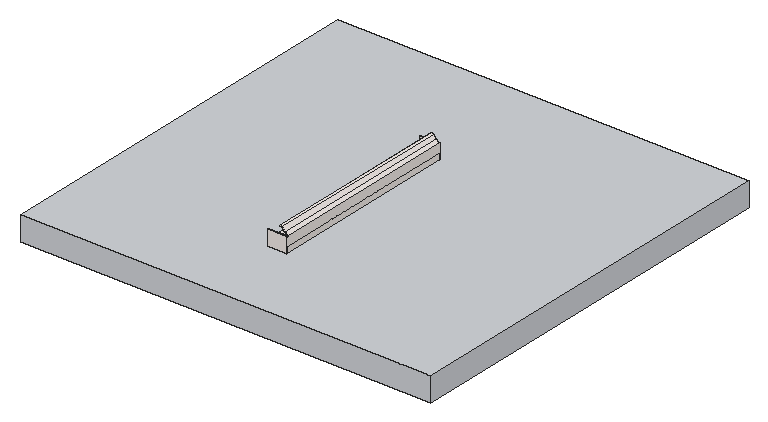
Revit family
Parameters
  Wiring Access Diameter = 0' - 0"
  Wiring = Wiring : Battery Pack
  Width = 0' - 4 3/4"  # constant formula
  Wattage Comments = "Wattage"
  Wattage = 9.29 W
  built-in parameter 1150110 = 1 (stored number, unit not read)
  Voltage = "Voltage"
  URL = "http://www.cooperlighting.com/"
  Supply Voltage = 0 V
  Series = "Cove Solo"  # constant formula
  Profile Angle = (360.00° - Degree of Lift) - 20.00°  # 295.00°
  Options = Options : Plus 5 Aiming System(tm)
  Number of Poles = 1
  No of Circuits = 1
  Mount Length = 0' - 6 1/4"
  Model = "Model"
  Lamp = "Lamp"
  Housing Type = "20gauage corrosion resistant steel"  # constant formula
  Front Mount Size = - : 2x6
  Emit from Line Length = 2' - 0"
  Electrical Connector Description = ""
  Distribution = ""
  Diffusers/Shielding = "White Opal Lens"  # constant formula
  Description = "Description"
  built-in parameter 1114217 = 1 (stored number, unit not read)
  Total Input Wattage = 0 W
  Tilt Angle = 90.00°
  built-in parameter 1150109 = 1 (stored number, unit not read)
  built-in parameter 1150134 = 3
  built-in parameter 1150113 = 1 (stored number, unit not read)
  Shipping Weight = 0 lbf
  Product Page URL = ""
  Product Documentation Link = ""
  Power Factor = 0
  Photometric Web File = "file"
  Packaging = "Unit Pack"
  Manufacturer = "Cooper Industries, Inc."  # constant formula
  built-in parameter 1150105 = 109.81 (stored number, unit not read)
  Lumens = 1379.95 lm
  built-in parameter 1150115 = 1 (stored number, unit not read)
  built-in parameter 1150137 = (empty or 0)
  built-in parameter 1150139 = (empty or 0)
  Light Bulb Material = Glass - Cooper Industries - Clear
  Length = 4' - 0"
  built-in parameter 1150112 = 1 (stored number, unit not read)
  Lamp Quantity = 1  # constant formula
  built-in parameter 1150114 = 1 (stored number, unit not read)
  built-in parameter 1150132 = (empty or 0)
  built-in parameter 1150102 = (empty or 0)
  built-in parameter 1150107 = 3200 (stored number, unit not read)
  built-in parameter 1150138 = (empty or 0)
  built-in parameter 1150106 = 1.0981 (stored number, unit not read)
  Has Biaxial Bulb = yes
  Frame Material = Metal - Cooper Industries - Steel - White
  Efficiency = ""
  built-in parameter 1150104 = 13.8 (stored number, unit not read)
  Dimming Lamp Color Temperature Shift = (empty or 0)
  Diffuser Material = Glass - Cooper Industries - Clear
  Depth = 0' - 2 7/8"  # constant formula
  Default Elevation = 0' - 0"
  Copyright © = "© 2000-2010 Cooper Industries, Inc."  # constant formula
  Color Filter = 16777215
  Catalog Number = ""
  Bulb Biaxial Angle = 0.00°
  Ballast Voltage = Supply Voltage  # 0 V
  Ballast Type = ""
  Ballast Quantity = 0
  built-in parameter 1114218 = 1 (stored number, unit not read)
  Ballast Configuration = ""
  built-in parameter 1150133 = 10 (stored number, unit not read)
  Assembly Code = "D5020210"
  Apparent Load = Total Input Wattage  # 0 VA
  Degree of Lift = 45.00°
Reference planes (in)
  plane 1 "Center (Front/Back)": y = 0
  plane 2 "Host Face": z = 0
  plane 3 "Center (Left/Right)": x = 0
  plane 4 "Left": x = -2.375
  plane 5 "Front": y = -24
  plane 6 "Right": x = 2.375
  plane 7 "Back": y = 24
  plane 8 "Top": z = 0
  plane 9 "Void Back": y = 23.75
  plane 10 "Void Front": y = -23.75
  plane 11 "Light": z = 6.25
  plane 12: x = 0.98475
  plane 13: x = -0.98475
  plane 14: y = 22
  plane 15: y = -22
  plane 16: y = 29
  plane 17: y = 26.25
  plane 18: z = 3.76301
  plane 19: through (0.85765, -180, 3.38946) normal (-0.7071, 0, -0.7071)
  plane 20: through (2.48265, -180, 3.65537) normal (-0.7071, 0, -0.7071)
Forms (in)
  Extrusion 1, solid
    sketch origin (0, 0, 0) x (1, 0, 0) y (0, 1, 0)
      loop
        line (-48, 55) -> (-48, -44.53802) -> (54.979, -44.53802) -> (54.979, 55) -> (-48, 55)
    from 0 to -6
  Sweep 2, solid, material "Metal - Cooper Industries - Steel - White" <- "Frame Material"
    path origin (0, 0, 0) x (1, 0, 0) y (0, 1, 0)
      loop
        line (0, -24) -> (0, 24)
    profile origin (0, 0, 0) x (-1, 0, 0) y (0, 0, 1)
      loop
        line (-2.375, 3.76301) -> (-2.375, 1.5) -> (-2.34167, 1.5) -> (-2.34167, 3.76301) -> (-2.375, 3.76301)
  Sweep 3, solid, material "Metal - Cooper Industries - Steel - White" <- "Frame Material"
    path origin (0, 0, 0) x (1, 0, 0) y (0, 1, 0)
      loop
        line (0, -23.75) -> (0, 23.75)
    profile origin (0, 0, 0) x (-1, 0, 0) y (0, 0, 1)
      loop
        line (2.375, 0) -> (2.375, 1.5) -> (-0.20106, 1.19098) -> (-2.1184, 1.19098) -> (-2.34167, 1.5) -> (-2.375, 1.5) -> (-2.375, 0) -> (2.375, 0)
      loop
        circle (0, 0.6875) r 0.36304
  Extrusion 4, solid, material "Metal - Cooper Industries - Steel - White" <- "Frame Material"
    sketch origin (0, 0, 0) x (1, 0, 0) y (0, 0, 1)
      loop
        line (-2.375, 3.76301) -> (-2.375, 0) -> (2.375, 0) -> (2.375, 3.76301) -> (-2.375, 3.76301)
    from 23.75 to 24
  Extrusion 5, solid, material "Metal - Cooper Industries - Steel - White" <- "Frame Material"
    sketch origin (0, 12.75, 0) x (1, 0, 0) y (0, 0, 1)
      loop
        line (-2.375, 3.76301) -> (-2.375, 0) -> (2.375, 0) -> (2.375, 3.76301) -> (-2.375, 3.76301)
    from -11.25 to -11
  Sweep 6, solid, material "Metal - Cooper Industries - Steel - White" <- "Frame Material"
    path origin (0.38342, 0, 0.48467) x (0.939693, 0, -0.34202) y (0, 1, 0)
      loop
        line (0, -23.75) -> (0, 23.75)
    profile "Profile : Profile" origin (0.38342, 0, 0.48467) x (-0.939693, 0, 0.34202) y (0.34202, 0, 0.939693)
      loop
        line (-0.72952, 3.73248) -> (0.22978, 4.17981) -> (1.05515, 4.69556) -> (1.49344, 4.85508) -> (1.62136, 4.67238) -> (1.65372, 4.68747) -> (1.50676, 4.89734) -> (1.03966, 4.72733) -> (0.21298, 4.21076) -> (-0.75, 3.76172) -> (-0.72952, 3.73248)
Lines and regions (in)
  symbolic lines, style "Host"
    curve 1: line (-2.375, 24, 0) -> (2.375, 24, 0)
    curve 2: line (-2.375, -24, 0) -> (-2.375, 24, 0)
    curve 3: line (2.375, -24, 0) -> (-2.375, -24, 0)
    curve 4: line (2.375, 24, 0) -> (2.375, -24, 0)
    curve 5: line (-2.375, -24, 0) -> (-2.375, 24, 0)
    curve 6: line (2.375, 24, 0) -> (-2.375, 24, 0)
  symbolic lines, style "Host", detail levels fine
    curve 7: line (2.375, 24, 0) -> (-2.375, -24, 0)
Dimensions and locks (in)
  "Width": plane 4 "Left" to plane 6 "Right"
  "Length": plane 5 "Front" to plane 7 "Back"
  equal spacing: plane 5 "Front", plane 1 "Center (Front/Back)", plane 7 "Back"
  equal spacing: plane 4 "Left", plane 3 "Center (Left/Right)", plane 6 "Right"
  locked: plane 9 "Void Back" to plane 7 "Back" at 0.25
  locked: plane 10 "Void Front" to plane 5 "Front" at 0.25
  locked: plane 14 to plane 7 "Back" at 2
  locked: plane 15 to plane 5 "Front" at 2
  "Mount Length": plane 11 "Light" to plane 8 "Top"
  angle plane 6 "Right" to Sweep 6 = 45.00°
  aligned and locked: plane 2 "Host Face" to Extrusion 1
  aligned and locked: level to Extrusion 1
  aligned and locked: plane 6 "Right" to curve 4
  aligned and locked: plane 5 "Front" to curve 3
  aligned and locked: plane 3 "Center (Left/Right)" to Sweep 3 sketch curve
  aligned and locked: Extrusion 1 to Sweep 3 sketch curve
  aligned and locked: plane 5 "Front" to Sweep 2 sketch curve
  aligned and locked: plane 7 "Back" to Sweep 2 sketch curve
  aligned: plane 3 "Center (Left/Right)" to nested 1
  aligned: imposter light to nested 1
  aligned: nested 1 to Sweep 2
  aligned: imposter light to Sweep 2
  aligned and locked: plane 4 "Left" to Sweep 3 sketch curve
  aligned and locked: Sweep 3 sketch curve to plane 6 "Right"
  aligned and locked: Sweep 3 to Extrusion 4 sketch curve
  aligned and locked: Extrusion 4 sketch curve to Sweep 3  (x2)
  aligned and locked: Extrusion 4 to plane 5 "Front"
  aligned and locked: plane 10 "Void Front" to Extrusion 4
  aligned and locked: Extrusion 5 to plane 7 "Back"
  aligned and locked: plane 9 "Void Back" to Extrusion 5
  aligned: Extrusion 4 to nested 1
  aligned and locked: Extrusion 4 sketch curve to Extrusion 5
  aligned and locked: Extrusion 5 to Sweep 3 sketch curve
  aligned: nested 1 to Sweep 3
  aligned and locked: plane 3 "Center (Left/Right)" to nested 1
  aligned and locked: plane 6 "Right" to Sweep 2 sketch curve
  aligned and locked: nested 1 to Sweep 3 sketch curve
  aligned: plane 3 "Center (Left/Right)" to Sweep 6 sketch curve
  aligned and locked: Sweep 2 sketch curve to plane 18
  aligned and locked: plane 4 "Left" to imposter light
  aligned and locked: imposter light to nested 1
  aligned: Sweep 6 to plane 18
Automatic sketch dimensions
  curve 1 to plane 4 "Left" = 0' - 0"
  plane 7 "Back" to curve 2 = 0' - 0"
  Extrusion 1 sketch curve to Extrusion 1 sketch curve = 8' - 6.979"
  Extrusion 1 sketch curve to Extrusion 1 sketch curve = 8' - 3.53802"
  Sweep 2 sketch curve to plane 3 "Center (Left/Right)" = 0' - 0"
  Sweep 2 sketch curve to Sweep 2 sketch curve = 0' - 0.03333"
  Sweep 3 sketch curve to plane 10 "Void Front" = 0' - 0"
  Sweep 3 sketch curve to profile plane = 0' - 0"
  Sweep 3 sketch curve to Sweep 3 sketch curve = 0' - 0.03333"
  Sweep 3 sketch curve to Sweep 3 sketch curve = 0' - 0.22327"
  profile plane to Sweep 3 sketch curve = 0' - 0.20106"
  level to Sweep 3 sketch curve = 0' - 0 11/16"
  Sweep 3 sketch curve to Sweep 3 sketch curve = 0' - 0.30902"  (x2)
  Sweep 6 sketch curve to plane 10 "Void Front" = 0' - 0"
  plane 9 "Void Back" to Sweep 6 sketch curve = 0' - 0"
  Extrusion 5 sketch curve to level = 0' - 0"
  Extrusion 5 sketch curve to plane 4 "Left" = 0' - 0"
  plane 6 "Right" to Extrusion 5 sketch curve = 0' - 0"
  Extrusion 5 sketch curve to plane 18 = 0' - 0"
  level to Sweep 2 sketch curve = 0' - 1 1/2"
  radius of Sweep 3 sketch curve = 0' - 0.36304"
Nested families (in)
  nested 1: "Bulb - No  Light Source" at (0, 0, 1.5) x (0, 1, 0) z (0, 0, 1), type "No Light Source"
Connectors (in)
  electrical at (0, 0, 0), driven by "Power Factor", driven by "Apparent Load", driven by "Supply Voltage", driven by "Number of Poles", driven by "Electrical Connector Description"
    settings: index 1
Definition of nested family "Bulb - No  Light Source"
  Parameters (values of type "No Light Source")
    Type Comments = "⍁⍉⌁⌀⏭⎽⌇⍠⌜⍉⎖⌥⌦⌯⍭⏊⍻⍿⍊⏵⍊⏗⏠⍴⎡⌈⎀⍠⌓⌤⏘⎐⍀⌐⏬⏁⎈⏍⏦⎒⏬⌝⍩⍇⌣〈⎫〉⎁⏊⍥⍖⍥⍝⍦⌖⍀⏌⏭⎝⎼⏷⏞⍻⏯⎽⏷⏞⍻⏯⎽⏷⎺⌻⎝⍎⌧⏷⏟⏿⌿⍜⍦⍤⌁⍬⏶⏎⍊⏚⏉⎞⌡⎀⎪⏈⌟⌿⍾⍼⌟⌿⌢⍶⏷⏮⌾⎼⎻⎷⎳⎻⎓⏞⍿⎴⏷⏩⎣⎝⎽⏴⏥⌗⌿⍶⍶⏲⏺⏇⍞⏖⏕〉⎯⏛⏫⎴⌺⍏⏱⏷⏫⏪⎼⎝⏥⎿⏛⏛⏿⌇"
    Light Source Offset [instance] = 0' - 4"
    Light Bulb Material = Glass - Cooper Industries - Clear
    Is U Bulb = no
    Is Straight Bulb = no
    Is Biaxial Bulb = yes
    Emit Shape Visible in Rendering = no
    CTRL U Bulb = if(1 = 1, Bulb Seperation Distance / 2, 0' 0")  # 0' - 0 13/16"
    Bulb Seperation Distance = 0' - 1 5/8"
    Bulb Radius = Bulb Diameter / 2  # 0' - 0 5/16"
    Bulb Length = 4' - 0"
    Bulb End Material = Metal - Cooper Industries - Aluminum
    Bulb Diameter = 0' - 0 5/8"
    Biaxial Angle [instance] = 0.00°
    Assembly Code = ""
  Reference planes (in)
    plane 1 "Center (Front/Back)": y = 0
    plane 2 "Bottom": z = 0
    plane 3 "Center (Left/Right)": x = 0
    plane 4 "Center (Elevation)": z = 0.3125
    plane 5 "Top": z = 0.625
    plane 6 "Left": x = -24
    plane 7 "Left Inset": x = -23.5
    plane 8 "Right": x = 24
    plane 9 "Right Inset": x = 23.5
    plane 10 "Straight Bulb Back": y = 0.3125
    plane 11 "Straight Bulb Front": y = -0.3125
    plane 12 "U Bulb Back Back": y = 1.125
    plane 13 "U Bulb Back Front": y = 0.5
    plane 14 "U Bulb Back Center": y = 0.8125
    plane 15 "U Bulb Front Front": y = -1.125
    plane 16 "U Bulb Front Back": y = -0.5
    plane 17 "U Bulb Front Center": y = -0.8125
    plane 18 "U Bulb Right Center": x = 23.6875
    plane 19 "U Bulb Left Right": x = 23.375
    plane 20 "U Bulb Arc Reference": x = 22.875
    plane 21 "Biaxial Center (L/R)": y = 0
    plane 22 "Biaxial Center (T/B)": z = 0.3125
    plane 23 "Light Source Offset": z = 4.3125
  Forms (in)
    Extrusion 1, solid, material "Metal - Cooper Industries - Aluminum" <- "Bulb End Material", visible <- "Is U Bulb"
      sketch origin (0, -0.8125, 0) x (0, 1, 0) y (0, 0, 1)
        loop
          circle (0.8125, 0.3125) r 0.3125
      from -24 to -23.5
    Extrusion 2, solid, material "Glass - Cooper Industries - Clear" <- "Light Bulb Material", visible <- "Is Biaxial Bulb"
      sketch origin (0, -0.8125, 0) x (0, 1, 0) y (0, 0, 1)
        loop
          circle (0.8125, 0.3125) r 0.3125
      from -23.5 to 23.5
    Extrusion 3, solid, material "Metal - Cooper Industries - Aluminum" <- "Bulb End Material", visible <- "Is U Bulb"
      sketch origin (0, -0.8125, 0) x (0, 1, 0) y (0, 0, -1)
        loop
          circle (0.8125, -0.3125) r 0.3125
      from -24 to -23.5
  Lines and regions (in)
    symbolic lines, detail levels fine
      curve 1: line (-24, 0, 0) -> (24, 0, 0)
      curve 2: line (-24, 0, 0.3125) -> (24, 0, 0.3125)
  Dimensions and locks (in)
    equal spacing: plane 5 "Top", plane 4 "Center (Elevation)", plane 2 "Bottom"
    "Bulb Diameter": plane 5 "Top" to plane 2 "Bottom"
    locked: plane 7 "Left Inset" to plane 6 "Left" at 0.5
    locked: plane 9 "Right Inset" to plane 8 "Right" at 0.5
    equal spacing: plane 8 "Right", plane 3 "Center (Left/Right)", plane 6 "Left"
    "Bulb Length": plane 6 "Left" to plane 8 "Right"
    "Bulb Diameter": plane 11 "Straight Bulb Front" to plane 10 "Straight Bulb Back"
    equal spacing: plane 11 "Straight Bulb Front", plane 1 "Center (Front/Back)", plane 10 "Straight Bulb Back"
    "Bulb Diameter": plane 13 "U Bulb Back Front" to plane 12 "U Bulb Back Back"
    equal spacing: plane 13 "U Bulb Back Front", plane 14 "U Bulb Back Center", plane 12 "U Bulb Back Back"
    "Bulb Diameter": plane 16 "U Bulb Front Back" to plane 15 "U Bulb Front Front"
    equal spacing: plane 16 "U Bulb Front Back", plane 17 "U Bulb Front Center", plane 15 "U Bulb Front Front"
    equal spacing: plane 17 "U Bulb Front Center", plane 1 "Center (Front/Back)", plane 14 "U Bulb Back Center"
    "Bulb Seperation Distance": plane 17 "U Bulb Front Center" to plane 14 "U Bulb Back Center"
    equal spacing: plane 19 "U Bulb Left Right", plane 18 "U Bulb Right Center", plane 8 "Right"
    "Bulb Diameter": plane 19 "U Bulb Left Right" to plane 8 "Right"
    "CTRL U Bulb": plane 20 "U Bulb Arc Reference" to plane 18 "U Bulb Right Center"
    plane 1 "Center (Front/Back)" to plane 21 "Biaxial Center (L/R)" = 0' - 0"
    plane 22 "Biaxial Center (T/B)" to plane 4 "Center (Elevation)" = 0' - 0"
    "Light Source Offset": plane 23 "Light Source Offset" to plane 22 "Biaxial Center (T/B)"
    "Bulb Radius": radius of Extrusion 2 sketch curve
    aligned and locked: Extrusion 1 to plane 6 "Left"
    aligned and locked: plane 7 "Left Inset" to Extrusion 1
    aligned and locked: Extrusion 2 to plane 7 "Left Inset"
    aligned and locked: Extrusion 2 to plane 9 "Right Inset"
    aligned and locked: plane 6 "Left" to curve 1
    aligned and locked: plane 8 "Right" to curve 1
    aligned and locked: plane 1 "Center (Front/Back)" to curve 1
    aligned and locked: plane 8 "Right" to curve 2
    aligned and locked: plane 6 "Left" to curve 2
    aligned and locked: Extrusion 3 to plane 8 "Right"
    aligned and locked: plane 9 "Right Inset" to Extrusion 3
  Automatic sketch dimensions
    curve 2 to plane 4 "Center (Elevation)" = 0' - 0"
    Extrusion 1 sketch curve to Extrusion 1 sketch curve = 0' - 0"  (x2)
    plane 5 "Top" to Extrusion 1 sketch curve = 0' - 0"
    plane 14 "U Bulb Back Center" to Extrusion 1 sketch curve = 0' - 0 13/16"
    level to Extrusion 1 sketch curve = 0' - 0"
    Extrusion 3 sketch curve to Extrusion 3 sketch curve = 0' - 0"  (x2)
    plane 5 "Top" to Extrusion 3 sketch curve = 0' - 0"
    plane 14 "U Bulb Back Center" to Extrusion 3 sketch curve = 0' - 0 13/16"
    Extrusion 3 sketch curve to plane 4 "Center (Elevation)" = 0' - 0"
    Extrusion 2 sketch curve to plane 4 "Center (Elevation)" = 0' - 0"
    plane 14 "U Bulb Back Center" to Extrusion 2 sketch curve = 0' - 0 13/16"
